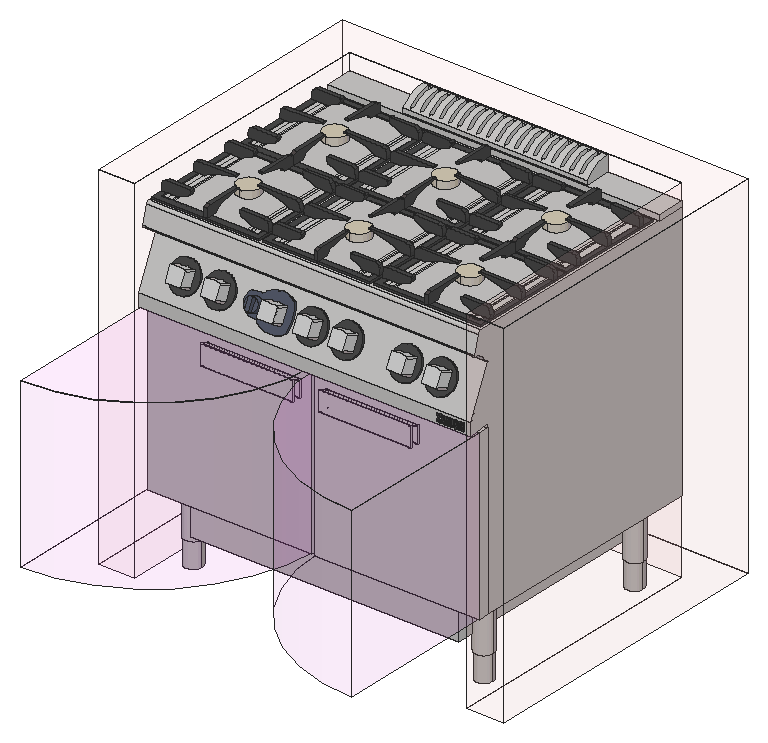
Revit family "QF_ZANUSSI_372216_Z7GCGI6CLA", category Attrezzature speciali, Revit 2020
Family settings
  Quota connettore circolare = Usa diametro
  Tipo di parte = Normale
  Basato su piano di lavoro = No
  Sempre verticale = Sì
  Taglio con vuoti quando caricato = No
  Condiviso = No
  Punto di calcolo locali = No
Parameters (values of type "Standard")
  Weight = 106.00 kg
  Watts = 0 W
  Volts = 0 V
  URL Manufacturer = "http://www.zanussiprofessional.com"
  URL = "http://www.zanussiprofessional.com"
  Steam Supply Size = 0 mm
  Steam Supply Minimum Pressure = 0.0 Pa
  Steam Supply Maximum Pressure = 0.0 Pa
  Steam Consumption per Hour = 0
  Show Logo [instance] = yes
  Show Clearance [instance] = yes
  Refrigeration Suction Line Size = 0 mm
  Refrigeration Liquid Line Size = 0 mm
  Refrigerant Compressor Remote = yes
  Prospetto di default = 0 mm
  Produttore = "Zanussi"
  Phase = 0
  Modello = "Z7GCGI6CLA"
  Length Actual = 900 mm  # constant formula
  Item Number = "372216"
  Hot Water Size = 0 mm
  Height Actual = 850 mm  # constant formula
  HP = "0 HP"
  Gas Size = 12.7 mm
  Gas KW = 42
  Gas Input Pressure = 0.412489 W
  Direct Waste Size = 0 mm
  Descrizione = "6-BURNER GAS RANGE+LARGE OVEN 900MM (AGA)"
  Depth Actual = 700 mm  # constant formula
  Cycle = 0 Hz
  Condensate Return Size = 0 mm
  Compressed Air Volume = 0.0 L/s
  Compressed Air Size = 0 mm
  Compressed Air Pressure = 0.0 Pa
  Cold Water Size = 0 mm
  Accessory = yes
Reference planes
  plane 1 "Back": y = 0
  plane 2: z = 0
  plane 3 "Left": x = 0
  plane 4: y = -716.25
  plane 5: x = 900
  plane 6: z = 850
  plane 7: y = -340.304
  plane 8: y = -680.608
  plane 9: x = 450
  plane 10: x = 1000
  plane 11: x = -100
  plane 12: y = 100
  plane 13: z = 149
Forms (mm)
  Extrusion 1, solid, material "QF_Finishes_Clearance", visible <- "Show Clearance"
    sketch origin (0, 0, 0) x (1, 0, 0) y (0, 1, 0)
      loop
        line (-100, -727.538) -> (0, -727.538) -> (0, 0) -> (900, 0) -> (900, -727.538) -> (1000, -727.538) -> (1000, 100) -> (-100, 100) -> (-100, -727.538)
    from 0 to 958.9
  Extrusion 2, solid, material "QF_Finishes_Stainless Steel"
    sketch origin (0, 50, 661.213) x (0, 1, 0) y (0, 0, 1)
      loop
        line (-50, 238.788) -> (-50, 253.075) -> (-126.2, 253.075) -> (-126.2, 238.788) -> (-50, 238.788)
    from 0 to 900
  Revolve 3, solid, material "QF_Finishes_Door Clearance", visible <- "Show Clearance"
    sketch origin (0, -672, 50) x (1, 0, 0) y (0, 0, 1)
      loop
        line (0, 601.687) -> (0, 149) -> (445, 149) -> (445, 601.687) -> (0, 601.687)
      axis (0, 601.687) -> (0, 149)
    angle from 0 to -90
  Revolve 4, solid, material "QF_Finishes_Door Clearance", visible <- "Show Clearance"
    sketch origin (900, -672, 50) x (-1, 0, 0) y (0, 0, -1)
      loop
        line (0, -601.687) -> (445, -601.687) -> (445, -149) -> (0, -149) -> (0, -601.687)
      axis (0, -601.687) -> (0, -149)
    angle from 0 to -90
  Extrusion 5, solid, material "QF_Finishes_Stainless Steel"
    sketch origin (135.481, 0, 50) x (0, 1, 0) y (0, 0, 1)
      loop
        line (-656.25, 149) -> (-656.25, 601.687) -> (-686.25, 601.687) -> (-686.25, 149) -> (-656.25, 149)
    from -135.481 to 309.519
  Extrusion 6, solid, material "QF_Finishes_Stainless Steel"
    sketch origin (764.519, 0, 50) x (0, 1, 0) y (0, 0, -1)
      loop
        line (-656.25, -149) -> (-686.25, -149) -> (-686.25, -601.687) -> (-656.25, -601.687) -> (-656.25, -149)
    from -135.481 to 309.519
  Extrusion 7, solid, material "QF_Finishes_Stainless Steel"
    sketch origin (0, 50, 661.212) x (0, 1, 0) y (0, 0, 1)
      loop
        line (-50, 238.788) -> (-730.608, 238.788)
        arc (-730.608, 238.788) -> (-735.893, 236.598) -> (-738.083, 231.313) r 7.474
        line (-738.083, 231.313) -> (-751.134, 185.798)
        arc (-751.134, 185.798) -> (-750.646, 183.166) -> (-748.25, 181.971) r 3
        line (-748.25, 181.971) -> (-738.052, 181.971) -> (-706.232, 150.152) -> (-766.25, 29.296) -> (-766.25, -5.704) -> (-709.895, 2.216)
        arc (-709.895, 2.216) -> (-707.351, 1.462) -> (-706.25, -0.953) r 3.2
        line (-706.25, -0.953) -> (-706.25, -462.212) -> (-50, -462.212) -> (-50, 238.788)
    from 0 to 900
  Extrusion 8, solid, material "QF_Finishes_Stainless Steel"
    sketch origin (-287.042, -2, 191.278) x (-1, 0, 0) y (0, -1, 0)
      loop
        circle (-1152.042, 464) r 6.35
    from -1.278 to 7.722
  Extrusion 9, solid, material "QF_Finishes_Stainless Steel"
    sketch origin (0, 0, 50) x (0, 1, 0) y (0, 0, 1)
      loop
        line (-648.98, 149) -> (-648.98, 49) -> (-28.98, 49) -> (-28.98, 149) -> (-648.98, 149)
    from 86.66 to 814.514
Dimensions and locks
  plane 1 "Back" to plane 4 = 716.25 mm  (x2)
  plane 3 "Left" to plane 5 = 900 mm
  equal spacing: plane 3 "Left", plane 9, plane 5
  plane 1 "Back" to plane 12 = 100 mm
  plane 5 to plane 10 = 100 mm
  plane 11 to plane 3 "Left" = 100 mm
  plane 13 to level = 149 mm
  Extrusion 7 to Extrusion 1 = 900 mm
  aligned and locked: level to plane 2
Automatic sketch dimensions
  Extrusion 1 sketch curve to plane 11 = 0 mm
  Extrusion 1 sketch curve to plane 3 "Left" = 0 mm
  plane 1 "Back" to Extrusion 1 sketch curve = 0 mm
  Extrusion 1 sketch curve to plane 5 = 0 mm
  Extrusion 1 sketch curve to plane 10 = 0 mm
  Extrusion 1 sketch curve to plane 12 = 0 mm
  Extrusion 1 sketch curve to plane 4 = 11.288 mm  (x2)
  Extrusion 2 sketch curve to plane 1 "Back" = 0 mm
  plane 1 "Back" to Extrusion 2 sketch curve = 76.2 mm
  Extrusion 2 sketch curve to plane 6 = 50 mm
  Extrusion 2 sketch curve to Extrusion 2 sketch curve = 14.288 mm
  Revolve 3 sketch curve to plane 3 "Left" = 0 mm  (x2)
  plane 9 to Revolve 3 sketch curve = 5 mm
  Revolve 3 sketch curve to plane 13 = 50 mm
  plane 6 to Revolve 3 sketch curve = 198.313 mm
  Revolve 3 sketch curve to plane 13 = 2.687 mm
  Revolve 3 sketch curve to Revolve 3 sketch curve = 0 mm
  plane 5 to Revolve 4 sketch curve = 0 mm  (x2)
  Revolve 4 sketch curve to plane 9 = 5 mm
  plane 6 to Revolve 4 sketch curve = 198.313 mm
  Revolve 4 sketch curve to plane 13 = 50 mm
  Revolve 4 sketch curve to Revolve 4 sketch curve = 0 mm
  Revolve 4 sketch curve to plane 13 = 2.687 mm
  Extrusion 5 sketch curve to plane 8 = 5.642 mm
  plane 8 to Extrusion 5 sketch curve = 24.358 mm
  Extrusion 5 sketch curve to plane 13 = 50 mm
  plane 6 to Extrusion 5 sketch curve = 198.313 mm
  Extrusion 6 sketch curve to plane 8 = 5.642 mm
  plane 8 to Extrusion 6 sketch curve = 24.358 mm
  plane 6 to Extrusion 6 sketch curve = 198.313 mm
  Extrusion 6 sketch curve to plane 13 = 50 mm
  Extrusion 7 sketch curve to plane 4 = 0 mm
  Extrusion 7 sketch curve to plane 8 = 0 mm
  Extrusion 7 sketch curve to plane 1 "Back" = 0 mm
  plane 6 to Extrusion 7 sketch curve = 2.989 mm
  plane 4 to Extrusion 7 sketch curve = 15.116 mm
  Extrusion 7 sketch curve to Extrusion 7 sketch curve = 2.884 mm
  Extrusion 7 sketch curve to Extrusion 7 sketch curve = 7.474 mm
  Extrusion 7 sketch curve to plane 8 = 7.443 mm
  plane 8 to Extrusion 7 sketch curve = 20.713 mm
  Extrusion 7 sketch curve to Extrusion 7 sketch curve = 0.445 mm
  plane 8 to Extrusion 7 sketch curve = 24.358 mm
  plane 8 to Extrusion 7 sketch curve = 24.376 mm
  Extrusion 7 sketch curve to Extrusion 7 sketch curve = 0.827 mm
  plane 6 to Extrusion 7 sketch curve = 38.636 mm
  Extrusion 7 sketch curve to Extrusion 7 sketch curve = 120.856 mm
  Extrusion 7 sketch curve to Extrusion 7 sketch curve = 27.08 mm
  Extrusion 7 sketch curve to Extrusion 7 sketch curve = 35 mm
  Extrusion 7 sketch curve to plane 13 = 50 mm
  Extrusion 7 sketch curve to plane 6 = 42.526 mm
  plane 5 to Extrusion 8 sketch curve = 35 mm
  Extrusion 8 sketch curve to plane 7 = 125.696 mm
  plane 8 to Extrusion 9 sketch curve = 31.628 mm
  plane 1 "Back" to Extrusion 9 sketch curve = 28.98 mm
  plane 13 to Extrusion 9 sketch curve = 50 mm
  Extrusion 9 sketch curve to plane 13 = 50 mm
  radius of Extrusion 8 sketch curve = 6.35 mm
Nested families
  nested 1: "Uscita_Fumi_500" at (450, -34.925, 914.288), type "Uscita_Fumi_500"
  nested 2: "ZANUSSI_BURNER_290X290" at (2.5, -379.983, 50), type "ZANUSSI_BURNER_290X290"
    with Status "", Specification by User "", Revision Code "", Item Number "", Installed By "", Identify Quantity as Lot yes, Furnished By "", Foodservice Equipment Identifier yes
  nested 3: "ZANUSSI_BURNER_290X290" at (592.5, -383.125, 50) x (-1, 0, 0) z (0, 0, 1), type "ZANUSSI_BURNER_290X290"
  nested 4: "ZANUSSI_BURNER_290X290" at (592.5, -379.983, 50) x (-1, 0, 0) z (0, 0, 1), type "ZANUSSI_BURNER_290X290"
    with Status "", Specification by User "", Revision Code "", Item Number "", Installed By "", Identify Quantity as Lot yes, Furnished By "", Foodservice Equipment Identifier yes
  nested 5: "ZANUSSI_BURNER_290X290" at (602.5, -383.125, 50), type "ZANUSSI_BURNER_290X290"
  nested 6: "ZANUSSI_BURNER_290X290" at (602.5, -379.983, 50), type "ZANUSSI_BURNER_290X290"
    with Status "", Specification by User "", Revision Code "", Item Number "", Installed By "", Identify Quantity as Lot yes, Furnished By "", Foodservice Equipment Identifier yes
  nested 7: "ZANUSSI_BURNER_290X290" at (2.5, -383.125, 50), type "ZANUSSI_BURNER_290X290"
  nested 8: "CONTROLLER_XP-ZAN" at (848, -685.798, 751.827) x (1, 0, 0) z (0, -0.8956, 0.4448), type "CONTROLLER_XP-ZAN"
  nested 9: "CONTROLLER_XP-ZAN" at (753, -685.798, 751.827) x (1, 0, 0) z (0, -0.8956, 0.4448), type "CONTROLLER_XP-ZAN"
  nested 10: "CONTROLLER_XP-ZAN" at (593, -685.798, 751.827) x (1, 0, 0) z (0, -0.8956, 0.4448), type "CONTROLLER_XP-ZAN"
  nested 11: "CONTROLLER_XP-ZAN" at (498, -685.798, 751.827) x (1, 0, 0) z (0, -0.8956, 0.4448), type "CONTROLLER_XP-ZAN"
  nested 12: "CONTROLLER_XP-ZAN" at (248, -685.798, 751.827) x (1, 0, 0) z (0, -0.8956, 0.4448), type "CONTROLLER_XP-ZAN"
  nested 13: "CONTROLLER_XP-ZAN" at (153, -685.798, 751.827) x (1, 0, 0) z (0, -0.8956, 0.4448), type "CONTROLLER_XP-ZAN"
  nested 14: "CONTROLLER_DOPPIO_ZAN" at (325, -686.083, 751.254) x (1, 0, 0) z (0, -0.8956, 0.4448), type "CONTROLLER_DOPPIO_ZAN"
  nested 15: "ZANUSSI_Logo" at (849.92, -716.25, 722.184) x (1, 0, 0) z (0, -1, 0), Show Logo <- "Show Logo", visible <- "Show Logo", type "ZANUSSI_Logo"
    with Show Logo yes
  nested 16: "MANIGLIA_SLIM_ZANUSSI_50mmDeep" at (610, -686.25, 594.2) x (-1, 0, 0) z (0, -1, 0), type "MANIGLIA_SLIM_ZANUSSI_50mmDeep"
  nested 17: "MANIGLIA_SLIM_ZANUSSI_50mmDeep" at (290, -686.25, 594.2) x (1, 0, 0) z (0, -1, 0), type "MANIGLIA_SLIM_ZANUSSI_50mmDeep"
  nested 18: "Piedino 50xH200_par" at (56, -600, 0), type "Piedino 50xH200_par"
    with H 200 mm
  nested 19: "Piedino 50xH200_par" at (56, -89.993, 0), type "Piedino 50xH200_par"
    with H 200 mm
  nested 20: "Piedino 50xH200_par" at (844, -89.993, 0), type "Piedino 50xH200_par"
    with H 200 mm
  nested 21: "Piedino 50xH200_par" at (844, -600.14, 0), type "Piedino 50xH200_par"
    with H 200 mm
Connectors
  piping at (865, -466, 190), diameter 12.7, driven by "Gas Size"
    settings: on Extrusion 8, index 13, connector inside diameter 12.8 mm, connector length 0 mm, flow factor 0, pipe flow 0.0 L/s, pressure drop 0.0 Pa, fitting loss kfactor 0, connector angle 0.00°, fixture units 0, engagement length 0 mm, angle of deflection 0.00°, flow configuration 1, flow direction 1, fitting loss method 0, system type 29, joint type 0, gender type 0, connector reference index -1, connector utility 0, adjustable connector no, is connector primary yes, connector description "Gas Connection"
Definition of nested family "Uscita_Fumi_500"
  Parameters (values of type "Uscita_Fumi_500")
    Default Elevation = 1219.2 mm
  Reference planes
    plane 1 "Centro (Fronte/Retro)": y = 0
    plane 2: z = 0
    plane 3 "Centro (Sinistra/Destra)": x = 0
  Forms (mm)
    Extrusion 1, solid
      sketch origin (0, 0, 0) x (1, 0, 0) y (0, 1, 0)
        loop
          line (-1219.2, 1219.2) -> (-1219.2, -1219.2) -> (1219.2, -1219.2) -> (1219.2, 1219.2) -> (-1219.2, 1219.2)
      from 0 to -304.8
    Extrusion 2, solid
      sketch origin (-150, 34.925, -289.638) x (0, 1, 0) y (0, 0, 1)
        loop
          line (0, 289.638) -> (0, 331.738)
          arc (0, 331.738) -> (-38.857, 324.552) -> (-69.85, 300.038) r 82.056
          line (-69.85, 300.038) -> (-69.85, 289.638) -> (0, 289.638)
      from -100 to 400
    Extrusion 3, void
      sketch origin (-262.5, 34.925, -15) x (0, -1, 0) y (1, 0, 0)
        loop
          line (6.761, 29.703) -> (63.911, 29.703) -> (63.911, 38.999) -> (6.761, 38.999) -> (6.761, 29.703)
        loop
          line (63.911, 64.487) -> (6.761, 64.487) -> (6.761, 55.191) -> (63.911, 55.191) -> (63.911, 64.487)
        loop
          line (63.911, 89.975) -> (6.761, 89.975) -> (6.761, 80.68) -> (63.911, 80.68) -> (63.911, 89.975)
        loop
          line (63.911, 115.464) -> (6.761, 115.464) -> (6.761, 106.168) -> (63.911, 106.168) -> (63.911, 115.464)
        loop
          line (63.911, 140.952) -> (6.761, 140.952) -> (6.761, 131.656) -> (63.911, 131.656) -> (63.911, 140.952)
        loop
          line (63.911, 166.44) -> (6.761, 166.44) -> (6.761, 157.145) -> (63.911, 157.145) -> (63.911, 166.44)
        loop
          line (63.911, 191.929) -> (6.761, 191.929) -> (6.761, 182.633) -> (63.911, 182.633) -> (63.911, 191.929)
        loop
          line (63.911, 217.417) -> (6.761, 217.417) -> (6.761, 208.121) -> (63.911, 208.121) -> (63.911, 217.417)
        loop
          line (63.911, 242.905) -> (6.761, 242.905) -> (6.761, 233.61) -> (63.911, 233.61) -> (63.911, 242.905)
        loop
          line (63.911, 268.394) -> (6.761, 268.394) -> (6.761, 259.098) -> (63.911, 259.098) -> (63.911, 268.394)
        loop
          line (63.911, 293.882) -> (6.761, 293.882) -> (6.761, 284.586) -> (63.911, 284.586) -> (63.911, 293.882)
        loop
          line (63.911, 319.37) -> (6.761, 319.37) -> (6.761, 310.075) -> (63.911, 310.075) -> (63.911, 319.37)
        loop
          line (63.911, 344.859) -> (6.761, 344.859) -> (6.761, 335.563) -> (63.911, 335.563) -> (63.911, 344.859)
        loop
          line (63.911, 370.347) -> (6.761, 370.347) -> (6.761, 361.051) -> (63.911, 361.051) -> (63.911, 370.347)
        loop
          line (63.911, 393.394) -> (6.761, 393.394) -> (6.761, 384.098) -> (63.911, 384.098) -> (63.911, 393.394)
        loop
          line (63.911, 418.882) -> (6.761, 418.882) -> (6.761, 409.586) -> (63.911, 409.586) -> (63.911, 418.882)
        loop
          line (63.911, 444.37) -> (6.761, 444.37) -> (6.761, 435.075) -> (63.911, 435.075) -> (63.911, 444.37)
        loop
          line (63.911, 469.859) -> (6.761, 469.859) -> (6.761, 460.563) -> (63.911, 460.563) -> (63.911, 469.859)
        loop
          line (63.911, 495.347) -> (6.761, 495.347) -> (6.761, 486.051) -> (63.911, 486.051) -> (63.911, 495.347)
      from 25.4 to 63.5
  Cuts and joins
    Extrusion 3 cuts Extrusion 2
  Dimensions and locks
    cut or joined group of Extrusion 2, Extrusion 3 to cut or joined group of Extrusion 2, Extrusion 3 = 500 mm
    aligned and locked: plane 2 to Extrusion 1
    aligned and locked: level to Extrusion 1
Definition of nested family "ZANUSSI_BURNER_290X290"
  Parameters (values of type "ZANUSSI_BURNER_290X290")
    Weight in Pounds = 0
    URL Cutsheet = ""
    URL = "www.electrolux.com"
    Type Mark [instance] = ""
    Status [instance] = ""
    Specification by User [instance] = ""
    Specification by Manufacturer = ""
    Show Clearance [instance] = yes
    Serial Number = ""
    Seismic Rating = ""
    SMACNA No = ""
    Revision Code [instance] = ""
    Default Elevation = 0 mm
    Omniclass Number and Title = ""
    NAFEM Spec ID Number = ""
    Model = "392010"
    Masterspec = ""
    Manufacturer = "ELECTROLUX"
    Item Number [instance] = ""
    Installed By [instance] = ""
    Identify Quantity as Lot [instance] = yes
    Furnished By [instance] = ""
    Foodservice Equipment Identifier [instance] = yes
    Description = ""
    CSI MasterFormat = ""
    CSI Master Format = ""
  Reference planes
    plane 1 "BACK": y = 0
    plane 2: z = 0
    plane 3 "LEFT": x = 0
    plane 4 "RIGHT": x = 290
    plane 5 "FRONT": y = -290
    plane 6 "TOP": z = 908.85
    plane 7 "Center Y": x = 145
    plane 8 "Center X": y = -145
    plane 9 "Base": z = 150
    plane 10: z = 850.85
  Forms (mm)
    Extrusion 1, solid
      sketch origin (-6.433, -374.564, 5) x (1, 0, 0) y (0, 0, -1)
        loop
          arc (7.142, -850.85) -> (6.739, -862.989) -> (9.761, -874.752) r 42.809
          line (9.761, -874.752) -> (19.961, -879.425) -> (121.272, -879.425)
          arc (121.272, -879.425) -> (122.466, -878.312) -> (121.439, -877.043) r 1.197
          line (121.439, -877.043) -> (64.848, -864.021)
          arc (64.848, -864.021) -> (50.111, -858.738) -> (36.589, -850.85) r 85.245
          line (36.589, -850.85) -> (7.142, -850.85)
        loop
          line (295.724, -850.85) -> (266.277, -850.85)
          arc (266.277, -850.85) -> (252.755, -858.738) -> (238.018, -864.021) r 85.245
          line (238.018, -864.021) -> (181.427, -877.043)
          arc (181.427, -877.043) -> (180.4, -878.312) -> (181.594, -879.425) r 1.197
          line (181.594, -879.425) -> (282.905, -879.425) -> (293.106, -874.752)
          arc (293.106, -874.752) -> (296.127, -862.989) -> (295.724, -850.85) r 42.809
      from 224.564 to 234.564
    Extrusion 2, solid
      sketch origin (145, 175.397, 1219.2) x (0, 1, 0) y (0, 0, 1)
        loop
          line (-204.463, -363.35) -> (-175.397, -363.35) -> (-175.397, -339.506)
          arc (-175.397, -339.506) -> (-181.025, -338.266) -> (-185.611, -334.775) r 13.39
          line (-185.611, -334.775) -> (-278.903, -334.775)
          arc (-278.903, -334.775) -> (-280.097, -335.888) -> (-279.07, -337.157) r 1.197
          line (-279.07, -337.157) -> (-227.151, -347.464)
          arc (-227.151, -347.464) -> (-213.741, -352.457) -> (-204.463, -363.35) r 28.426
        loop
          arc (-436.332, -363.35) -> (-427.053, -352.457) -> (-413.644, -347.464) r 28.426
          line (-413.644, -347.464) -> (-361.725, -337.157)
          arc (-361.725, -337.157) -> (-360.697, -335.888) -> (-361.891, -334.775) r 1.197
          line (-361.891, -334.775) -> (-455.184, -334.775)
          arc (-455.184, -334.775) -> (-459.769, -338.266) -> (-465.397, -339.506) r 13.39
          line (-465.397, -339.506) -> (-465.397, -363.35) -> (-436.332, -363.35)
      from -5 to 5
    Extrusion 3, solid
      sketch origin (-6.433, 367.064, 850.85) x (0, -1, 0) y (1, 0, 0)
        loop
          line (657.064, 6.433) -> (657.064, 296.433) -> (367.064, 296.433) -> (367.064, 6.433) -> (657.064, 6.433)
        loop
          line (382.064, 21.433) -> (642.064, 21.433) -> (642.064, 281.433) -> (382.064, 281.433) -> (382.064, 21.433)
      from 0 to 5
    Extrusion 4, solid
      sketch origin (-18.933, 396.667, 855.85) x (0, -1, 0) y (1, 0, 0)
        loop
          circle (541.667, 163.933) r 30
      from -1.321 to 17.134
    Extrusion 5, solid
      sketch origin (-6.433, -367.064, 0) x (1, 0, 0) y (0, 0, -1)
        loop
          line (21.433, -855.85) -> (36.589, -855.85)
          arc (36.589, -855.85) -> (40.561, -855.243) -> (44.305, -853.783) r 18.259
          arc (44.305, -853.783) -> (45.997, -853.366) -> (47.69, -853.783) r 3.649
          arc (47.69, -853.783) -> (49.901, -854.522) -> (52.232, -854.529) r 7.328
          line (52.232, -854.529) -> (250.634, -854.529)
          arc (250.634, -854.529) -> (252.966, -854.522) -> (255.177, -853.783) r 7.328
          arc (255.177, -853.783) -> (256.869, -853.366) -> (258.561, -853.783) r 3.649
          arc (258.561, -853.783) -> (262.305, -855.243) -> (266.277, -855.85) r 18.259
          line (266.277, -855.85) -> (281.433, -855.85) -> (281.433, -850.85) -> (21.433, -850.85) -> (21.433, -855.85)
      from 92.064 to 352.064
    Extrusion 6, solid
      sketch origin (-14.993, -384.316, 5) x (1, 0, 0) y (0, 0, -1)
        loop
          arc (88.629, -864.012) -> (73.909, -858.731) -> (60.402, -850.85) r 85.245
          line (60.402, -850.85) -> (14.993, -850.85)
          arc (14.993, -850.85) -> (14.642, -862.948) -> (17.686, -874.663) r 42.876
          line (17.686, -874.663) -> (27.899, -879.425) -> (89.664, -879.425)
          arc (89.664, -879.425) -> (92.39, -878.352) -> (93.654, -875.709) r 4
          arc (93.654, -875.709) -> (92.562, -869.25) -> (88.629, -864.012) r 13.87
        loop
          arc (231.358, -864.012) -> (227.425, -869.25) -> (226.333, -875.709) r 13.87
          arc (226.333, -875.709) -> (227.597, -878.352) -> (230.323, -879.425) r 4
          line (230.323, -879.425) -> (292.088, -879.425) -> (302.301, -874.663)
          arc (302.301, -874.663) -> (305.345, -862.948) -> (304.993, -850.85) r 42.876
          line (304.993, -850.85) -> (259.585, -850.85)
          arc (259.585, -850.85) -> (246.078, -858.731) -> (231.358, -864.012) r 85.245
      from 127.064 to 137.064
    Extrusion 7, solid
      sketch origin (-14.993, 94.316, 5) x (1, 0, 0) y (0, 0, 1)
        loop
          arc (88.629, 864.012) -> (92.562, 869.25) -> (93.654, 875.709) r 13.87
          arc (93.654, 875.709) -> (92.39, 878.352) -> (89.664, 879.425) r 4
          line (89.664, 879.425) -> (27.899, 879.425) -> (17.686, 874.663)
          arc (17.686, 874.663) -> (14.642, 862.948) -> (14.993, 850.85) r 42.876
          line (14.993, 850.85) -> (60.402, 850.85)
          arc (60.402, 850.85) -> (73.909, 858.731) -> (88.629, 864.012) r 85.245
        loop
          arc (231.358, 864.012) -> (246.078, 858.731) -> (259.585, 850.85) r 85.245
          line (259.585, 850.85) -> (304.993, 850.85)
          arc (304.993, 850.85) -> (305.345, 862.948) -> (302.301, 874.663) r 42.876
          line (302.301, 874.663) -> (292.088, 879.425) -> (230.323, 879.425)
          arc (230.323, 879.425) -> (227.597, 878.352) -> (226.333, 875.709) r 4
          arc (226.333, 875.709) -> (227.425, 869.25) -> (231.358, 864.012) r 13.87
      from 127.064 to 137.064
  Lines and regions (mm)
    symbolic lines
      curve 1: line (105.625, -140, 150) -> (105.625, -15, 150)
      curve 2: line (184.375, -140, 150) -> (184.375, -15, 150)
      curve 3: line (111.975, -140, 150) -> (111.975, -15, 150)
      curve 4: line (178.025, -140, 150) -> (178.025, -15, 150)
      curve 5: line (92.925, -140, 150) -> (92.925, -15, 150)
      curve 6: line (197.075, -140, 150) -> (197.075, -15, 150)
      curve 7: arc (93.166, -150, 854.529) -> (145, -197.075, 854.529) -> (196.834, -150, 854.529) r 52.075
      curve 8: arc (105.944, -150, 854.529) -> (145, -184.375, 854.529) -> (184.056, -150, 854.529) r 39.375
  Dimensions and locks
    equal spacing: plane 3 "LEFT", plane 7 "Center Y", plane 4 "RIGHT"
    plane 3 "LEFT" to plane 4 "RIGHT" = 290 mm
    equal spacing: plane 5 "FRONT", plane 8 "Center X", plane 1 "BACK"
    plane 5 "FRONT" to plane 1 "BACK" = 290 mm
    plane 6 "TOP" to level = 908.85 mm
    plane 9 "Base" to level = 150 mm
    plane 6 "TOP" to plane 10 = 58 mm  (x2)
    locked: Extrusion 4 sketch curve to plane 7 "Center Y"
    aligned and locked: level to plane 2
  Automatic sketch dimensions
    plane 3 "LEFT" to Extrusion 1 sketch curve = 0.709 mm
    plane 3 "LEFT" to Extrusion 1 sketch curve = 3.327 mm
    Extrusion 1 sketch curve to Extrusion 1 sketch curve = 10.201 mm
    plane 10 to Extrusion 1 sketch curve = 5 mm  (x2)
    Extrusion 1 sketch curve to Extrusion 1 sketch curve = 29.447 mm
    Extrusion 1 sketch curve to Extrusion 1 sketch curve = 12.704 mm  (x2)
    plane 10 to Extrusion 1 sketch curve = 18.171 mm  (x2)
    Extrusion 1 sketch curve to Extrusion 1 sketch curve = 15.555 mm  (x2)
    Extrusion 1 sketch curve to plane 10 = 64.377 mm
    Extrusion 1 sketch curve to plane 7 "Center Y" = 30.161 mm
    Extrusion 1 sketch curve to Extrusion 1 sketch curve = 0.167 mm  (x2)
    plane 7 "Center Y" to Extrusion 1 sketch curve = 29.994 mm
    Extrusion 1 sketch curve to plane 4 "RIGHT" = 79.689 mm
    Extrusion 1 sketch curve to plane 4 "RIGHT" = 58.415 mm
    Extrusion 1 sketch curve to plane 4 "RIGHT" = 13.528 mm
    Extrusion 1 sketch curve to plane 4 "RIGHT" = 3.327 mm
    Extrusion 1 sketch curve to plane 4 "RIGHT" = 0.709 mm
    Extrusion 1 sketch curve to Extrusion 1 sketch curve = 23.902 mm  (x2)
    Extrusion 1 sketch curve to plane 6 "TOP" = 26.807 mm  (x2)
    Extrusion 1 sketch curve to Extrusion 1 sketch curve = 1.185 mm  (x2)
    Extrusion 2 sketch curve to plane 5 "FRONT" = 0 mm
    Extrusion 2 sketch curve to plane 1 "BACK" = 0 mm
    Extrusion 2 sketch curve to plane 5 "FRONT" = 10.213 mm
    plane 10 to Extrusion 2 sketch curve = 5 mm  (x2)
    Extrusion 2 sketch curve to plane 5 "FRONT" = 29.066 mm
    plane 10 to Extrusion 2 sketch curve = 20.886 mm  (x2)
    Extrusion 2 sketch curve to Extrusion 2 sketch curve = 22.688 mm
    Extrusion 2 sketch curve to plane 10 = 7.392 mm  (x2)
    Extrusion 2 sketch curve to plane 6 "TOP" = 25.622 mm
    Extrusion 2 sketch curve to plane 8 "Center X" = 41.494 mm
    Extrusion 2 sketch curve to Extrusion 2 sketch curve = 0.167 mm  (x2)
    Extrusion 2 sketch curve to plane 6 "TOP" = 26.807 mm
    plane 8 "Center X" to Extrusion 2 sketch curve = 41.328 mm
    plane 1 "BACK" to Extrusion 2 sketch curve = 54.648 mm
    Extrusion 2 sketch curve to Extrusion 2 sketch curve = 2.895 mm
    plane 1 "BACK" to Extrusion 2 sketch curve = 10.213 mm
    Extrusion 2 sketch curve to Extrusion 2 sketch curve = 23.844 mm  (x2)
    Extrusion 2 sketch curve to Extrusion 2 sketch curve = 1.185 mm  (x2)
    plane 1 "BACK" to Extrusion 3 sketch curve = 0 mm
    Extrusion 3 sketch curve to plane 3 "LEFT" = 0 mm
    plane 5 "FRONT" to Extrusion 3 sketch curve = 0 mm
    Extrusion 3 sketch curve to plane 4 "RIGHT" = 0 mm
    plane 1 "BACK" to Extrusion 3 sketch curve = 15 mm
    Extrusion 3 sketch curve to plane 5 "FRONT" = 15 mm
    plane 3 "LEFT" to Extrusion 3 sketch curve = 15 mm
    Extrusion 3 sketch curve to plane 4 "RIGHT" = 15 mm
    Extrusion 3 to Extrusion 4 sketch curve = 130 mm
    Extrusion 5 sketch curve to plane 10 = 0 mm
    plane 3 "LEFT" to Extrusion 5 sketch curve = 15 mm
    Extrusion 5 sketch curve to Extrusion 5 sketch curve = 14.402 mm
    plane 10 to Extrusion 5 sketch curve = 5 mm  (x2)
    Extrusion 5 sketch curve to Extrusion 5 sketch curve = 15.156 mm
    Extrusion 5 sketch curve to Extrusion 5 sketch curve = 9.408 mm  (x2)
    Extrusion 5 sketch curve to plane 10 = 3.559 mm  (x2)
    Extrusion 5 sketch curve to Extrusion 5 sketch curve = 5.091 mm
    Extrusion 5 sketch curve to Extrusion 5 sketch curve = 6.235 mm  (x2)
    plane 10 to Extrusion 5 sketch curve = 3.679 mm
    Extrusion 5 sketch curve to plane 4 "RIGHT" = 45.799 mm
    Extrusion 5 sketch curve to Extrusion 5 sketch curve = 1.143 mm
    Extrusion 5 sketch curve to Extrusion 5 sketch curve = 15.253 mm
    Extrusion 5 sketch curve to plane 4 "RIGHT" = 15 mm
    plane 10 to Extrusion 5 sketch curve = 6.165 mm  (x2)
    Extrusion 5 sketch curve to plane 10 = 13.244 mm  (x2)
    Extrusion 5 sketch curve to Extrusion 5 sketch curve = 0 mm  (x2)
    Extrusion 6 sketch curve to plane 3 "LEFT" = 0 mm
    Extrusion 6 sketch curve to plane 4 "RIGHT" = 0 mm
    plane 3 "LEFT" to Extrusion 6 sketch curve = 2.692 mm
    Extrusion 6 sketch curve to Extrusion 6 sketch curve = 10.213 mm
    plane 10 to Extrusion 6 sketch curve = 12.281 mm
    Extrusion 6 sketch curve to Extrusion 6 sketch curve = 29.348 mm
    Extrusion 6 sketch curve to Extrusion 6 sketch curve = 3.155 mm  (x2)
    Extrusion 6 sketch curve to Extrusion 6 sketch curve = 22.572 mm
    Extrusion 6 sketch curve to Extrusion 6 sketch curve = 9.845 mm  (x2)
    Extrusion 6 sketch curve to Extrusion 6 sketch curve = 49.533 mm
    Extrusion 6 sketch curve to plane 4 "RIGHT" = 94.941 mm
    Extrusion 6 sketch curve to plane 6 "TOP" = 28.425 mm
    Extrusion 6 sketch curve to plane 4 "RIGHT" = 74.67 mm
    plane 10 to Extrusion 6 sketch curve = 5 mm
    Extrusion 6 sketch curve to Extrusion 6 sketch curve = 19.417 mm
    Extrusion 6 sketch curve to plane 4 "RIGHT" = 12.905 mm
    Extrusion 6 sketch curve to plane 4 "RIGHT" = 2.692 mm
    Extrusion 6 sketch curve to plane 6 "TOP" = 24.425 mm  (x2)
    Extrusion 6 sketch curve to Extrusion 6 sketch curve = 4 mm
    Extrusion 6 sketch curve to Extrusion 6 sketch curve = 0.7 mm  (x2)
    Extrusion 6 sketch curve to Extrusion 6 sketch curve = 4.763 mm  (x2)
    Extrusion 6 sketch curve to plane 10 = 64.377 mm  (x2)
    Extrusion 6 sketch curve to Extrusion 6 sketch curve = 1.035 mm
    Extrusion 6 sketch curve to Extrusion 6 sketch curve = 0 mm
    Extrusion 7 sketch curve to plane 3 "LEFT" = 0 mm
    Extrusion 7 sketch curve to plane 4 "RIGHT" = 0 mm
    plane 3 "LEFT" to Extrusion 7 sketch curve = 2.692 mm
    Extrusion 7 sketch curve to Extrusion 7 sketch curve = 10.213 mm
    plane 10 to Extrusion 7 sketch curve = 12.281 mm
    Extrusion 7 sketch curve to Extrusion 7 sketch curve = 29.348 mm
    Extrusion 7 sketch curve to Extrusion 7 sketch curve = 3.155 mm  (x2)
    Extrusion 7 sketch curve to Extrusion 7 sketch curve = 22.572 mm
    Extrusion 7 sketch curve to Extrusion 7 sketch curve = 9.845 mm  (x2)
    Extrusion 7 sketch curve to Extrusion 7 sketch curve = 49.533 mm
    Extrusion 7 sketch curve to plane 4 "RIGHT" = 94.941 mm
    Extrusion 7 sketch curve to plane 6 "TOP" = 28.425 mm
    Extrusion 7 sketch curve to plane 4 "RIGHT" = 74.67 mm
    plane 10 to Extrusion 7 sketch curve = 5 mm  (x2)
    Extrusion 7 sketch curve to Extrusion 7 sketch curve = 19.417 mm
    Extrusion 7 sketch curve to plane 4 "RIGHT" = 12.905 mm
    Extrusion 7 sketch curve to plane 4 "RIGHT" = 2.692 mm
    Extrusion 7 sketch curve to plane 10 = 64.377 mm  (x2)
    Extrusion 7 sketch curve to Extrusion 7 sketch curve = 7.281 mm
    Extrusion 7 sketch curve to Extrusion 7 sketch curve = 0.7 mm  (x2)
    Extrusion 7 sketch curve to Extrusion 7 sketch curve = 16.594 mm
    Extrusion 7 sketch curve to Extrusion 7 sketch curve = 4.763 mm
    Extrusion 7 sketch curve to Extrusion 7 sketch curve = 4 mm
    Extrusion 7 sketch curve to Extrusion 7 sketch curve = 1.035 mm
    Extrusion 7 sketch curve to Extrusion 7 sketch curve = 0 mm
    plane 8 "Center X" to curve 1 = 5 mm
    plane 8 "Center X" to curve 5 = 5 mm
    plane 8 "Center X" to curve 6 = 5 mm
    plane 7 "Center Y" to curve 6 = 52.075 mm
    curve 6 to curve 2 = 12.7 mm
    curve 2 to curve 4 = 6.35 mm
    plane 8 "Center X" to curve 3 = 5 mm
    curve 3 to plane 7 "Center Y" = 33.025 mm
    curve 3 to curve 1 = 6.35 mm
    curve 1 to curve 5 = 12.7 mm
    plane 8 "Center X" to curve 2 = 5 mm
    plane 1 "BACK" to curve 5 = 15 mm
    plane 1 "BACK" to curve 3 = 15 mm
    plane 1 "BACK" to curve 2 = 15 mm
    curve 4 to curve 2 = 0 mm  (x2)
    curve 1 to curve 3 = 0 mm
    curve 2 to curve 6 = 0 mm
    curve 7 to curve 8 = 0 mm  (x3)
    Extrusion 5 to curve 8 = 99.201 mm
    Extrusion 5 to curve 8 = 130 mm
    curve 7 to curve 8 = 12.778 mm
    curve 8 to curve 7 = 12.778 mm
    curve 8 to curve 7 = 39.056 mm
    curve 7 to curve 8 = 39.056 mm
    radius of Extrusion 4 sketch curve = 30 mm
    radius of curve 8 = 39.375 mm
Definition of nested family "CONTROLLER_XP-ZAN"
  Parameters (values of type "CONTROLLER_XP-ZAN")
    Default Elevation = 0 mm
  Reference planes
    plane 1 "Centro (Fronte/Retro)": y = 0
    plane 2: z = 0
    plane 3 "Centro (Sinistra/Destra)": x = 0
    plane 4: x = -51.067
    plane 5: x = 51.067
    plane 6: x = 93.481
    plane 7: x = -93.481
  Forms (mm)
    Extrusion 1, solid
      sketch origin (0, 0, 0) x (1, 0, 0) y (0, 1, 0)
        loop
          line (-1219.2, 1219.2) -> (-1219.2, -1219.2) -> (1219.2, -1219.2) -> (1219.2, 1219.2) -> (-1219.2, 1219.2)
      from 0 to -304.8
    Extrusion 2, solid
      sketch origin (-46.381, -48.923, 0) x (1, 0, 0) y (0, 1, 0)
        loop
          circle (-4.687, 48.923) r 42.414
      from 0 to 3.175
    Blend 3, solid
      base sketch origin (-46.381, -48.923, 3.175) x (1, 0, 0) y (0, 1, 0)
        loop
          line (-23.687, 25.923) -> (14.313, 25.923)
          arc (14.313, 25.923) -> (17.142, 27.095) -> (18.313, 29.923) r 4
          line (18.313, 29.923) -> (18.313, 66.519)
          arc (18.313, 66.519) -> (17.342, 69.132) -> (14.901, 70.476) r 4
          arc (14.901, 70.476) -> (-4.687, 71.923) -> (-24.275, 70.476) r 133.25
          arc (-24.275, 70.476) -> (-26.716, 69.132) -> (-27.687, 66.519) r 4
          line (-27.687, 66.519) -> (-27.687, 29.923)
          arc (-27.687, 29.923) -> (-26.515, 27.095) -> (-23.687, 25.923) r 4
      top sketch origin (-46.381, -48.923, 3.175) x (1, 0, 0) y (0, 1, 0)
        loop
          line (-25.687, 66.519) -> (-25.687, 29.923)
          arc (-25.687, 29.923) -> (-25.101, 28.509) -> (-23.687, 27.923) r 2
          line (-23.687, 27.923) -> (14.313, 27.923)
          arc (14.313, 27.923) -> (15.727, 28.509) -> (16.313, 29.923) r 2
          line (16.313, 29.923) -> (16.313, 66.519)
          arc (16.313, 66.519) -> (15.828, 67.825) -> (14.607, 68.498) r 2
          arc (14.607, 68.498) -> (-4.687, 69.923) -> (-23.981, 68.498) r 131.25
          arc (-23.981, 68.498) -> (-25.201, 67.825) -> (-25.687, 66.519) r 2
      from 0 to 33
  Lines and regions (mm)
    Split face 1
      outline origin (-46.381, -48.923, 36.175) x (1, 0, 0) y (0, 1, 0)
        loop
          line (-6.687, 69.908) -> (-6.687, 62.923) -> (-2.687, 62.923) -> (-2.687, 69.908)
  Dimensions and locks
    aligned and locked: plane 2 to Extrusion 1
    aligned and locked: level to Extrusion 1
Definition of nested family "CONTROLLER_DOPPIO_ZAN"
  Parameters (values of type "CONTROLLER_DOPPIO_ZAN")
    Default Elevation = 1219.2 mm
  Reference planes
    plane 1 "Centro (Fronte/Retro)": y = 0
    plane 2: z = 0
    plane 3 "Centro (Sinistra/Destra)": x = 0
  Forms (mm)
    Extrusion 1, solid
      sketch origin (0, 0, 0) x (1, 0, 0) y (0, 1, 0)
        loop
          line (-1219.2, 1219.2) -> (-1219.2, -1219.2) -> (1219.2, -1219.2) -> (1219.2, 1219.2) -> (-1219.2, 1219.2)
      from 0 to -304.8
    Extrusion 2, solid
      sketch origin (-514.313, -66.838, -0.005) x (0, 1, 0.000275) y (-1, 0, 0)
        loop
          arc (104.31, -502.587) -> (101.304, -501.269) -> (98.251, -500.06) r 91.047
          arc (98.251, -500.06) -> (96.593, -482.459) -> (93.213, -465.107) r 179.528
          arc (93.213, -465.107) -> (69.244, -452.795) -> (45.274, -465.107) r 29.489
          arc (45.274, -465.107) -> (38.909, -481.441) -> (37.449, -498.912) r 61.044
          arc (37.449, -498.912) -> (34.471, -499.962) -> (31.532, -501.116) r 91.066
          arc (31.532, -501.116) -> (19.069, -540.041) -> (31.818, -578.873) r 66.256
          arc (31.818, -578.873) -> (68.058, -585.586) -> (104.006, -577.452) r 91.478
          arc (104.006, -577.452) -> (115.815, -540.067) -> (104.31, -502.587) r 65.933
      from 0 to 3.175
    Extrusion 3, solid
      sketch origin (-193.063, -68.823, 3.169) x (0, 1, 0.000275) y (-1, 0, 0)
        loop
          circle (68.826, -160.963) r 18.37
      from 0 to 12.7
    Extrusion 4, solid
      sketch origin (-194.354, -68.826, 15.869) x (0, 1, 0.000275) y (-1, 0, 0)
        loop
          arc (84.808, -167.687) -> (85.476, -161.901) -> (84.808, -156.114) r 25.4
          line (84.808, -156.114) -> (52.844, -156.114)
          arc (52.844, -156.114) -> (52.176, -161.901) -> (52.844, -167.687) r 25.4
          line (52.844, -167.687) -> (84.808, -167.687)
      from 0 to 8.112
    Blend 5, solid
      base sketch origin (30.393, -48.221, 3.19) x (1, 0, 0) y (0, 1, 0)
        loop
          line (-23.687, 25.923) -> (14.313, 25.923)
          arc (14.313, 25.923) -> (17.142, 27.095) -> (18.313, 29.923) r 4
          line (18.313, 29.923) -> (18.313, 66.519)
          arc (18.313, 66.519) -> (17.342, 69.132) -> (14.901, 70.476) r 4
          arc (14.901, 70.476) -> (-4.687, 71.923) -> (-24.275, 70.476) r 133.25
          arc (-24.275, 70.476) -> (-26.716, 69.132) -> (-27.687, 66.519) r 4
          line (-27.687, 66.519) -> (-27.687, 29.923)
          arc (-27.687, 29.923) -> (-26.515, 27.095) -> (-23.687, 25.923) r 4
      top sketch origin (30.393, -48.221, 3.19) x (1, 0, 0) y (0, 1, 0)
        loop
          line (-25.687, 66.519) -> (-25.687, 29.923)
          arc (-25.687, 29.923) -> (-25.101, 28.509) -> (-23.687, 27.923) r 2
          line (-23.687, 27.923) -> (14.313, 27.923)
          arc (14.313, 27.923) -> (15.727, 28.509) -> (16.313, 29.923) r 2
          line (16.313, 29.923) -> (16.313, 66.519)
          arc (16.313, 66.519) -> (15.828, 67.825) -> (14.607, 68.498) r 2
          arc (14.607, 68.498) -> (-4.687, 69.923) -> (-23.981, 68.498) r 131.25
          arc (-23.981, 68.498) -> (-25.201, 67.825) -> (-25.687, 66.519) r 2
      from 0 to 33
  Lines and regions (mm)
    Split face 1
      outline origin (30.393, -48.221, 36.19) x (1, 0, 0) y (0, 1, 0)
        loop
          line (-6.687, 69.908) -> (-6.687, 62.923) -> (-2.687, 62.923) -> (-2.687, 69.908)
  Dimensions and locks
    aligned and locked: plane 2 to Extrusion 1
    aligned and locked: level to Extrusion 1
Definition of nested family "ZANUSSI_Logo"
  Parameters (values of type "ZANUSSI_Logo")
    Show Logo [instance] = yes
    Default Elevation = 1219.2 mm
  Reference planes
    plane 1 "Center (Front/Back)": y = -49
    plane 2: z = 0
    plane 3 "Center (Left/Right)": x = -9.92
  Forms (mm)
    Extrusion 1, solid
      sketch origin (0, 0, 0) x (1, 0, 0) y (0, 1, 0)
        loop
          line (-1219.2, 1219.2) -> (-1219.2, -1219.2) -> (1219.2, -1219.2) -> (1219.2, 1219.2) -> (-1219.2, 1219.2)
      from 0 to -304.8
    Extrusion 2, solid, visible <- "Show Logo"
      sketch origin (106.353, -215.165, -50) x (1, 0, 0) y (0, 1, 0)
        loop
          line (-137.419, 156.48) -> (-137.419, 160.444) -> (-143.365, 160.444) -> (-137.419, 172.566) -> (-137.419, 175.851) -> (-147.274, 175.851) -> (-147.274, 172.226) -> (-142.063, 172.339) -> (-147.728, 160.444) -> (-147.728, 156.48) -> (-137.419, 156.48)
        loop
          line (-131.729, 163.73) -> (-129.463, 163.73) -> (-130.596, 172.54) -> (-131.729, 163.73)
        loop
          line (-132.748, 156.48) -> (-132.182, 160.218) -> (-128.897, 160.218) -> (-128.33, 156.48) -> (-124.252, 156.48) -> (-127.877, 175.851) -> (-133.315, 175.851) -> (-136.826, 156.48) -> (-132.748, 156.48)
        loop
          line (-123.75, 175.851) -> (-123.75, 156.48) -> (-120.238, 156.48) -> (-120.238, 169.281) -> (-116.953, 156.48) -> (-112.648, 156.48) -> (-112.648, 175.851) -> (-116.273, 175.851) -> (-116.273, 163.503) -> (-119.558, 175.851) -> (-123.75, 175.851)
        loop
          arc (-111.742, 161.27) -> (-106.896, 156.448) -> (-101.433, 160.558) r 5.22
          line (-101.433, 160.558) -> (-101.433, 175.851) -> (-105.398, 175.851) -> (-105.398, 161.464)
          arc (-105.398, 161.464) -> (-106.44, 160.263) -> (-107.777, 161.124) r 1.214
          line (-107.777, 161.124) -> (-107.777, 175.851) -> (-111.742, 175.851) -> (-111.742, 161.27)
        loop
          line (-94.069, 169.734) -> (-90.331, 169.734) -> (-90.269, 171.495)
          arc (-90.269, 171.495) -> (-90.53, 173.458) -> (-91.761, 175.009) r 3.719
          arc (-91.761, 175.009) -> (-95.38, 176.189) -> (-98.998, 175.009) r 6.139
          arc (-98.998, 175.009) -> (-100.474, 172.145) -> (-100.291, 168.927) r 6.125
          arc (-100.291, 168.927) -> (-99.079, 167.149) -> (-97.591, 165.594) r 13.068
          line (-97.591, 165.594) -> (-95.921, 164.113)
          arc (-95.921, 164.113) -> (-94.934, 163.275) -> (-94.167, 162.233) r 5.571
          arc (-94.167, 162.233) -> (-94.357, 160.41) -> (-96.143, 160.003) r 1.573
          arc (-96.143, 160.003) -> (-96.681, 160.547) -> (-96.911, 161.277) r 1.631
          arc (-96.911, 161.277) -> (-96.929, 161.791) -> (-96.911, 162.305) r 7.441
          arc (-96.911, 162.305) -> (-96.895, 162.791) -> (-96.911, 163.277) r 7.03
          line (-96.911, 163.277) -> (-100.866, 163.277)
          arc (-100.866, 163.277) -> (-100.828, 160.504) -> (-99.735, 157.955) r 7.131
          arc (-99.735, 157.955) -> (-94.571, 156.484) -> (-90.221, 159.633) r 6.148
          arc (-90.221, 159.633) -> (-90.141, 162.884) -> (-91.536, 165.823) r 7.021
          line (-91.536, 165.823) -> (-95.882, 169.734)
          arc (-95.882, 169.734) -> (-96.47, 170.472) -> (-96.785, 171.362) r 2.858
          arc (-96.785, 171.362) -> (-95.666, 172.959) -> (-94.069, 171.84) r 1.379
          line (-94.069, 171.84) -> (-94.069, 169.734)
        loop
          line (-82.771, 169.734) -> (-79.033, 169.734) -> (-78.971, 171.495)
          arc (-78.971, 171.495) -> (-79.232, 173.458) -> (-80.463, 175.009) r 3.719
          arc (-80.463, 175.009) -> (-84.081, 176.189) -> (-87.7, 175.009) r 6.139
          arc (-87.7, 175.009) -> (-89.175, 172.145) -> (-88.993, 168.927) r 6.125
          arc (-88.993, 168.927) -> (-87.781, 167.149) -> (-86.293, 165.594) r 13.068
          line (-86.293, 165.594) -> (-84.623, 164.113)
          arc (-84.623, 164.113) -> (-83.636, 163.275) -> (-82.869, 162.233) r 5.571
          arc (-82.869, 162.233) -> (-83.059, 160.41) -> (-84.845, 160.003) r 1.573
          arc (-84.845, 160.003) -> (-85.383, 160.547) -> (-85.613, 161.277) r 1.631
          arc (-85.613, 161.277) -> (-85.631, 161.791) -> (-85.613, 162.305) r 7.441
          arc (-85.613, 162.305) -> (-85.596, 162.791) -> (-85.613, 163.277) r 7.03
          line (-85.613, 163.277) -> (-89.568, 163.277)
          arc (-89.568, 163.277) -> (-89.53, 160.504) -> (-88.437, 157.955) r 7.131
          arc (-88.437, 157.955) -> (-83.272, 156.484) -> (-78.922, 159.633) r 6.148
          arc (-78.922, 159.633) -> (-78.843, 162.884) -> (-80.238, 165.823) r 7.021
          line (-80.238, 165.823) -> (-84.584, 169.734)
          arc (-84.584, 169.734) -> (-85.171, 170.472) -> (-85.486, 171.362) r 2.858
          arc (-85.486, 171.362) -> (-84.368, 172.959) -> (-82.771, 171.84) r 1.379
          line (-82.771, 171.84) -> (-82.771, 169.734)
        loop
          line (-78.21, 175.851) -> (-78.21, 156.48) -> (-74.245, 156.48) -> (-74.245, 175.851) -> (-78.21, 175.851)
      from 50 to 51.6
  Dimensions and locks
    aligned and locked: plane 2 to Extrusion 1
    aligned and locked: level to Extrusion 1
Definition of nested family "MANIGLIA_SLIM_ZANUSSI_50mmDeep"
  Parameters (values of type "MANIGLIA_SLIM_ZANUSSI_50mmDeep")
    Default Elevation = 1219.2 mm
  Reference planes
    plane 1 "Centro (Fronte/Retro)": y = 0
    plane 2: z = 0
    plane 3 "Centro (Sinistra/Destra)": x = 0
  Forms (mm)
    Extrusion 1, solid
      sketch origin (0, 0, 0) x (1, 0, 0) y (0, 1, 0)
        loop
          line (-1219.2, 1219.2) -> (-1219.2, -1219.2) -> (1219.2, -1219.2) -> (1219.2, 1219.2) -> (-1219.2, 1219.2)
      from 0 to -304.8
    Extrusion 2, solid
      sketch origin (-125, 0, 0) x (0, 1, 0) y (0, 0, 1)
        loop
          line (-25.144, 0) -> (19.771, 0)
          arc (19.771, 0) -> (20.352, 0.186) -> (20.717, 0.674) r 1
          line (20.717, 0.674) -> (28.636, 23.674)
          arc (28.636, 23.674) -> (28.505, 24.581) -> (27.691, 25) r 1
          line (27.691, 25) -> (-24.887, 25)
          arc (-24.887, 25) -> (-25.887, 24) -> (-24.887, 23) r 1
          line (-24.887, 23) -> (24.887, 23)
          arc (24.887, 23) -> (25.701, 22.581) -> (25.832, 21.674) r 1
          line (25.832, 21.674) -> (19.29, 2.674)
          arc (19.29, 2.674) -> (18.925, 2.186) -> (18.344, 2) r 1
          line (18.344, 2) -> (-25.144, 2)
          arc (-25.144, 2) -> (-26.144, 1) -> (-25.144, 0) r 1
      from 0 to 250
  Dimensions and locks
    Extrusion 2 sketch curve to Extrusion 2 sketch curve = 49.773 mm
    Extrusion 2 to Extrusion 1 = 25 mm
    aligned and locked: plane 2 to Extrusion 1
    aligned and locked: level to Extrusion 1
Definition of nested family "Piedino 50xH200_par"
  Parameters (values of type "Piedino 50xH200_par")
    Default Elevation = 0 mm
    H [instance] = 200 mm
  Reference planes
    plane 1 "Centro (Fronte/Retro)": y = 0
    plane 2: z = 0
    plane 3 "Centro (Sinistra/Destra)": x = 0
  Forms (mm)
    Revolve 1, solid
      sketch origin (55, 0, 0) x (-1, 0, 0) y (0, 0, -1)
        loop
          line (55, 0) -> (32.1, 0) -> (32.1, -69.05) -> (29.6, -69.05) -> (29.6, -200) -> (55, -200) -> (55, 0)
        axis (55, 0) -> (55, -200)
      angle from 0 to 360
  Dimensions and locks
    "H": Revolve 1 to plane 2
    aligned and locked: level to plane 2
  Automatic sketch dimensions
    Revolve 1 sketch curve to level = 0 mm
    Revolve 1 sketch curve to plane 3 "Centro (Sinistra/Destra)" = 0 mm  (x2)
    plane 3 "Centro (Sinistra/Destra)" to Revolve 1 sketch curve = 22.9 mm
    Revolve 1 sketch curve to Revolve 1 sketch curve = 2.5 mm
    level to Revolve 1 sketch curve = 69.05 mm
    Revolve 1 sketch curve to Revolve 1 sketch curve = 130.95 mm
    Revolve 1 sketch curve to Revolve 1 sketch curve = 0 mm
    Revolve 1 sketch curve to Revolve 1 sketch curve = 20 mm
